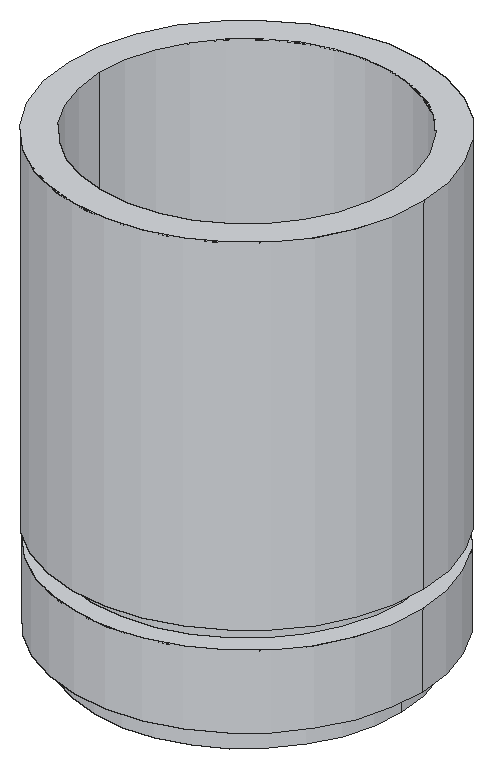
Revit family "PAM20B", category Generic Models, Revit 2017
Family settings
  Can host rebar = No
  Round Connector Dimension = Use Diameter
  Part Type = Normal
  Work Plane-Based = Yes
  Always vertical = No
  Cut with Voids When Loaded = No
  Shared = No
  Room Calculation Point = No
Parameters (values of type "NBS Standard Parameters")
  Weight = "0.008Kg"
  WarrantyStartDate [instance] = "1900-12-31T23:59:59"
  WarrantyGuarantorParts = "n/a"
  WarrantyGuarantorLabor = "n/a"
  WarrantyDurationUnit = "1 year"
  WarrantyDurationParts = "n/a"
  WarrantyDurationLabor = "n/a"
  WarrantyDescription = "n/a"
  Version = "1"
  Uniclass2 = "Pr_65_70_11_20"
  TagNumber [instance] = "n/a"
  SustainabilityPerformance = "n/a"
  Size = "20mm"
  Shape = "Circular"
  SerialNumber [instance] = "n/a"
  Revision = "n/a"
  ReplacementCost = "n/a"
  ProductInformation = "www.metpro.co.uk/pdf/pam20w.pdf"
  NominalWidth = 24 mm
  NominalLength = 24 mm
  NominalHeight = 32 mm
  Name = ""
  NBSTypeID = ""
  NBSReference = "90-55-10/460"
  NBSOfficeMasterTag = ""
  NBSNote = ""
  NBSDescription = "Conduit Fittings"
  NBSCertification = ""
  ModelReference = "PAM20B"
  ModelNumber = "n/a"
  Material = "PVC"
  ManufacturerURL = "www.metpro.co.uk"
  ManufacturerName = "Metpro Ltd"
  Keynote = "Manufactured to BS4607 Part 1"
  InstallationDate [instance] = "1900-12-31T23:59:59"
  IfcExportType = ""
  IfcExportAs = ""
  Grade = "n/a"
  Finish = "Black"
  Features = "n/a"
  ExpectedLife = "n/a"
  DurationUnit = "year"
  Description = "PAM20B - 20mm Male Adaptor"
  Default Elevation = 1219.2 mm
  Constituents = "n/a"
  Color = "n/a"
  CodePerformance = "n/a"
  Category = "n/a"
  BarCode [instance] = "n/a"
  BIMObjectName = "Metpro_Metprolibrary_Conduitfittings_PVCcomponents_accessory"
  Author = "Metpro Ltd"
  AssetType = ""
  AssetIdentifier [instance] = "n/a"
  AccessibilityPerformance = "n/a"
Reference planes
  plane 1 "Center (Front/Back)": y = 0
  plane 2: z = 0
  plane 3 "Center (Left/Right)": x = 0
Forms (mm)
  Extrusion 1, solid
    sketch origin (-75.996, 46.494, 56.74) x (0, -1, 0) y (1, 0, 0)
      loop
        circle (15.717, 18.298) r 12
      loop
        circle (15.717, 18.298) r 10
    from 0 to 23.5
  Extrusion 2, solid
    sketch origin (-75.996, 46.494, 56.74) x (0, -1, 0) y (1, 0, 0)
      loop
        circle (15.717, 18.298) r 9.5
      loop
        circle (15.717, 18.298) r 10.5
    from 0 to -8
  Extrusion 3, solid
    sketch origin (-75.996, 46.494, 56.74) x (0, -1, 0) y (1, 0, 0)
      loop
        circle (15.717, 18.298) r 10.6
      loop
        circle (15.717, 18.298) r 11.9
    from -1.269 to -6.269
Dimensions and locks
  aligned and locked: level to plane 2
